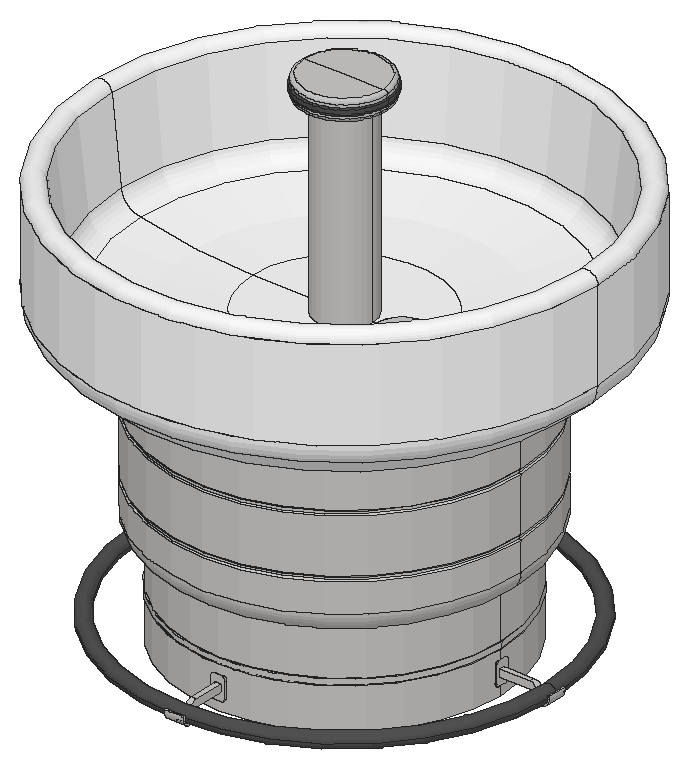
Revit family "Washfountain_Lavatory-Bradley_Corp-WF2605-Type_O_Drain", category Plumbing Fixtures, Revit 2012
Parameters (values of type "Standard")
  Width = 36.000"
  Warranty Information = ""
  WFU = 0
  Voltage = 110 V
  Version = "2.0"
  Supply Height [instance] = if(and(Sensor Module, Soap Dispenser, Towel Dispenser, Model ID = 2), 69.313", if(and(Sensor Module, Soap Dispenser, No Towel Dispenser, Model ID = 2), 47.625", if(and(Sensor Module, No Soap Dispenser, No Towel Dispenser, Model ID = 2), 39.125", if(and(Sensor Module, No Soap Dispenser, Towel Dispenser, Model ID = 2), 69.313", if(and(No Sensor Module, No Soap Dispenser, No Towel Dispenser, Model ID = 2), 35.625", if(and(No Sensor Module, No Soap Dispenser, Towel Dispenser, Model ID = 2), 65.813", if(and(No Sensor Module, Soap Dispenser, No Towel Dispenser, Model ID = 2), 44.125", if(and(No Sensor Module, Soap Dispenser, Towel Dispenser, Model ID = 2), 65.813", if(and(Sensor Module, Soap Dispenser, Towel Dispenser, Model ID = 1), 65.313", if(and(Sensor Module, Soap Dispenser, No Towel Dispenser, Model ID = 1), 43.625", if(and(Sensor Module, No Soap Dispenser, No Towel Dispenser, Model ID = 1), 35.125", if(and(Sensor Module, No Soap Dispenser, Towel Dispenser, Model ID = 1), 69.313", if(and(No Sensor Module, No Soap Dispenser, No Towel Dispenser, Model ID = 1), 31.625", if(and(No Sensor Module, No Soap Dispenser, Towel Dispenser, Model ID = 1), 61.813", if(and(No Sensor Module, Soap Dispenser, No Towel Dispenser, Model ID = 1), 40.125", 61.813")))))))))))))))  # 35.625"
  URL = "http://www.bradleycorp.com/"
  Towel Dispenser Holder [instance] = if((Soap Dispenser), 5.375", 13.875")  # 13.875"
  Towel Dispenser Height [instance] = if(and(Soap Dispenser, Sensor Module, Model ID = 2), 53.000", if(and(No Soap Dispenser, Sensor Module, Model ID = 2), 53.000", if(and(Soap Dispenser, No Sensor Module, Model ID = 2), 49.500", if(and(No Soap Dispenser, No Sensor Module, Model ID = 2), 49.500", if(and(Soap Dispenser, Sensor Module, Model ID = 1), 49.000", if(and(No Soap Dispenser, Sensor Module, Model ID = 1), 49.000", if(and(Soap Dispenser, No Sensor Module, Model ID = 1), 45.500", 45.500")))))))  # 49.500"
  TouchTime® Control [instance] = no
  Technical Data = ""
  Standard Height = Model ID = 2  # yes
  Spray Head Height = 35.625"
  Specifications URL = "http://www.bradleycorp.com/3partspec"
  Soap Dispenser Holder [instance] = 2.500"  # constant formula
  Soap Dispenser Height [instance] = if(and(No Sensor Module, Model ID = 2), 44.125", if(and(Sensor Module, Model ID = 2), 47.625", if(and(No Sensor Module, Model ID = 1), 40.125", 43.625")))  # 44.125"
  Sensor Module Height = 39.125"
  Sensor Module [instance] = or(not(Foot Control Valve), TouchTime® Control, Air Valve Hand Control, Adaptive Infrared Activation Control)  # no
  Rim Height = 29.250"
  Product Tech Data URL - Spanish = ""
  Product Tech Data URL - French = ""
  Product Tech Data URL - English = "http://bradleycorp.com/download/1843/2019.pdf"
  Pedestal Material = Metal - Bradley Corp - Stainless Steel - Satin
  Pedestal Height = 19.000"
  Operating Water Pressure Range = "20 - 80 PSI"
  OmniClass Table 23 Title = "Sinks/Lavatories"
  OmniClass Table 23 Number = "23-31 13 00"
  OmniClass Table 21 Title = "Plumbing Fixtures"
  OmniClass Table 21 Number = "21-04 20 10 60"
  No Towel Dispenser [instance] = not(Towel Dispenser)  # yes
  No Soap Dispenser [instance] = not(Soap Dispenser)  # yes
  No Sensor Module [instance] = not(Sensor Module)  # yes
  Modeling Code = ""
  Model ID = 2
  Model = "WF2605"
  Material Note = "Other Terrazzo colors available - See www.bradleycorp.com"
  MasterFormat Title = "Commercial Lavatories and Sinks"
  MasterFormat Number = "22 42 16"
  Manufacturer = "Bradley Corp"
  Juvenile Height = Model ID = 1  # no
  Industry Standards = "ANSI Z124.3, Z124.6 and ANSI/ICPA SS-1-2001"
  Hot Lavatory Inlet Radius = Hot Lavatory Inlet / 2  # 1/4"
  Hot Lavatory Inlet = 1/2"
  HWFU = 0
  Frequency = 50 Hz
  Foot Control Valve [instance] = not(or(TouchTime® Control, Air Valve Hand Control, Adaptive Infrared Activation Control))  # yes
  Flow Rate = 2.0 GPM
  Fire Rating = "n/a"
  Drain Radius = Drain / 2  # 1"
  Drain = 2"
  Description = "Washfountain, 36\" Circular with 9\" Deep Bowl"
  Copyright = "This Model Data is Property of Bradley Corporation"
  Cold Lavatory Inlet Radius = Cold Lavatory Inlet / 2  # 1/4"
  Cold Lavatory Inlet = 1/2"
  CWFU = 0
  Buy American Act = "No"
  Button Visibility [instance] = or(TouchTime® Control, Air Valve Hand Control)  # no
  Bowl Material [instance] = Stone - Bradley Corp - White Marmorite
  Assembly Code = "D2010300"
  Air Valve Hand Control [instance] = no
  Adaptive Infrared Activation Control [instance] = no
  ADA Compliant = "Yes"
  Soap Dispenser [instance] = no
  Towel Dispenser [instance] = no
Reference planes (in)
  plane 1 "Center (Front/Back)": y = 0
  plane 2: z = 0
  plane 3 "Center (Left/Right)": x = 0
  plane 4 "Towel Dispenser": z = 49.5
  plane 5 "Soap Dispenser": z = 44.125
  plane 6 "Spray Head": z = 35.625
  plane 7 "Rim Height": z = 29.25
  plane 8 "Pedestal Height": z = 19
  plane 9 "Sensor Module": z = 39.125
  plane 10: z = 38.125
  plane 11: x = -18
  plane 12: x = 18
  plane 13: y = -18
  plane 14: y = 18
Forms (in)
  Revolve 1, solid, material "Metal - Bradley Corp - Stainless Steel - Satin" <- "Pedestal Material", visible <- "Juvenile Height", detail levels medium+fine
    sketch origin (-27, 0, 19) x (1, 0, 0) y (0, 0, 1)
      loop
        line (15.87417, -15) -> (27, -15) -> (27, -0.00013) -> (14.47131, -0.00013) -> (14.47131, -3.20448) -> (14.5585, -3.29168) -> (14.5585, -3.41498) -> (14.47131, -3.50217) -> (14.47131, -6.50912) -> (14.5585, -6.59631) -> (14.5585, -6.71962) -> (14.47131, -6.80681) -> (14.47131, -8.19729)
        arc (14.47131, -8.19729) -> (14.8822, -9.18927) -> (15.87417, -9.60015) r 1.40286
        line (15.87417, -9.60015) -> (15.87417, -11.547) -> (15.83845, -11.59351) -> (15.83845, -12.00036) -> (15.87417, -12.047) -> (15.87417, -15)
      axis (27, -15) -> (27, -0.00013)
    angle from 0 to 360
  Revolve 2, solid, material "Stone - Bradley Corp - White Marmorite" <- "Bowl Material", detail levels medium+fine
    sketch origin (-24.13744, 0, 29.25) x (-1, 0, 0) y (0, 0, -1)
      loop
        line (-6.13744, 0.75008) -> (-6.13744, 7.17157)
        arc (-6.13744, 7.17157) -> (-6.28968, 7.93694) -> (-6.72322, 8.58579) r 2
        line (-6.72322, 8.58579) -> (-8.69944, 10.25) -> (-22.13744, 10.25) -> (-22.13744, 8.688) -> (-17.63744, 8.688)
        arc (-17.63744, 8.688) -> (-13.61835, 8.45982) -> (-9.65091, 7.7782) r 35.50887
        arc (-9.65091, 7.7782) -> (-8.71636, 7.35965) -> (-8.26814, 6.43895) r 1.5
        line (-8.26814, 6.43895) -> (-7.62105, 0.59415)
        arc (-7.62105, 0.59415) -> (-6.80904, 0.00419) -> (-6.13744, 0.75008) r 0.75
      axis (-24.13744, 0.59415) -> (-24.13744, 10.25)
    angle from 0 to 360
  Revolve 3, solid, material "Metal - Bradley Corp - Stainless Steel - Satin" <- "Pedestal Material", visible <- "Standard Height", detail levels medium+fine
    sketch origin (-27, 0, 19) x (1, 0, 0) y (0, 0, 1)
      loop
        line (14.47131, -4.10731) -> (14.58179, -4.21779) -> (14.58179, -4.37404) -> (14.47131, -4.48453) -> (14.47131, -8.29481) -> (14.58179, -8.40529) -> (14.58179, -8.56154) -> (14.47131, -8.67203) -> (14.47131, -10.73243)
        arc (14.47131, -10.73243) -> (14.87684, -11.75818) -> (15.87417, -12.22929) r 1.5
        line (15.87417, -12.22929) -> (15.87417, -15.547) -> (15.83845, -15.59351) -> (15.83845, -16.00049) -> (15.87417, -16.047) -> (15.87417, -19) -> (27, -19) -> (27, -0.00013) -> (14.47131, -0.00013) -> (14.47131, -4.10731)
      axis (27, -0.00013) -> (27, -19)
    angle from 0 to 360
  Revolve 4, solid, material "Metal - Bradley Corp - Stainless Steel - Polished", detail levels fine
    sketch origin (-1.5, 0, 36.188) x (1, 0, 0) y (0, 0, 1)
      loop
        arc (-1.285, -0.56348) -> (-1.46178, -0.6367) -> (-1.535, -0.81348) r 0.25
        line (-1.535, -0.81348) -> (-1.535, -1.00848)
        arc (-1.535, -1.00848) -> (-1.60129, -1.03594) -> (-1.62875, -1.10223) r 0.09375
        line (-1.62875, -1.10223) -> (-1.62875, -1.41473)
        arc (-1.62875, -1.41473) -> (-1.60129, -1.48102) -> (-1.535, -1.50848) r 0.09375
        line (-1.535, -1.50848) -> (-1.535, -1.70348)
        arc (-1.535, -1.70348) -> (-1.46178, -1.88026) -> (-1.285, -1.95348) r 0.25
        line (-1.285, -1.95348) -> (-0.5, -1.95348) -> (-0.5, -17.188) -> (1.5, -17.188) -> (1.5, -0.56348) -> (-1.285, -0.56348)
      axis (1.5, -0.56348) -> (1.5, -17.188)
    angle from 0 to 360
  Revolve 5, solid, material "Metal - Bradley Corp - Stainless Steel - Polished", visible <- "Soap Dispenser", detail levels fine
    sketch origin (-27, 0, 44.125) x (1, 0, 0) y (0, 0, 1)
      loop
        line (20.98592, -1.64235) -> (21.01699, -1.64235) -> (21.01699, -2.89235) -> (21.06961, -2.89235) -> (21.06961, -4.14235) -> (21.12223, -4.14235) -> (21.12223, -5.39235) -> (21.19, -5.39235) -> (21.19, -6) -> (27, -6) -> (27, -5.75235) -> (27, 0.00086) -> (22.86016, 0.00086)
        arc (22.86016, 0.00086) -> (21.84739, -0.11897) -> (20.86029, -0.37529) r 7.48917
        line (20.86029, -0.37529) -> (20.86029, -1.00047) -> (20.98592, -1.00047) -> (20.98592, -1.64235)
      axis (27, 0.00086) -> (27, -6)
    angle from 0 to 360
  Extrusion 6, solid, material "Metal - Bradley Corp - Stainless Steel - Polished", visible <- "Towel Dispenser"
    sketch origin (0, 0, 0) x (1, 0, 0) y (0, 1, 0)
      loop
        circle (0, 0) r 2
    from 35.625 to 65.81283
  Extrusion 7, solid, material "Metal - Bradley Corp - Stainless Steel - Polished", visible <- "Towel Dispenser"
    sketch origin (0, -3.64603, -2.35417) x (0, 1, 0) y (0, 0, 1)
      loop
        line (10.89603, 53.22917) -> (10.89603, 66.4795) -> (6.89603, 67.167) -> (6.89603, 51.85417) -> (8.64603, 51.85417) -> (10.89603, 53.22917)
    from -5.5 to 5.5
  Extrusion 8, solid, material "Metal - Bradley Corp - Stainless Steel - Polished", visible <- "Towel Dispenser"
    sketch origin (3.15756, 1.82302, -2.35417) x (-0.866025, -0.5, 0) y (0, 0, 1)
      loop
        line (10.89603, 53.22917) -> (10.89603, 66.4795) -> (6.89603, 67.167) -> (6.89603, 51.85417) -> (8.64603, 51.85417) -> (10.89603, 53.22917)
    from -5.5 to 5.5
  Extrusion 9, solid, material "Metal - Bradley Corp - Stainless Steel - Polished", visible <- "Towel Dispenser"
    sketch origin (-3.15756, 1.82302, -2.35417) x (0.866025, -0.5, 0) y (0, 0, 1)
      loop
        line (10.89603, 53.22917) -> (10.89603, 66.4795) -> (6.89603, 67.167) -> (6.89603, 51.85417) -> (8.64603, 51.85417) -> (10.89603, 53.22917)
    from -5.5 to 5.5
  Revolve 10, solid, material "Stone - Bradley Corp - White Marmorite" <- "Bowl Material", detail levels coarse
    sketch origin (-24.13744, 0, 29.25) x (-1, 0, 0) y (0, 0, -1)
      loop
        line (-6.13744, 0) -> (-6.13744, 10.25) -> (-22.13744, 10.25) -> (-22.13744, 8.688) -> (-17.47542, 8.688) -> (-8.39355, 7.63199) -> (-7.5586, 0) -> (-6.13744, 0)
      axis (-24.13744, 0) -> (-24.13744, 10.25)
    angle from 0 to 360
  Revolve 11, solid, material "Metal - Bradley Corp - Stainless Steel - Satin" <- "Pedestal Material", visible <- "Juvenile Height", detail levels coarse
    sketch origin (-27, 0, 19) x (1, 0, 0) y (0, 0, 1)
      loop
        line (14.47131, 0) -> (14.47131, -9.60015) -> (15.87417, -9.60015) -> (15.87417, -15) -> (27, -15) -> (27, 0) -> (14.47131, 0)
      axis (27, 0) -> (27, -15)
    angle from 0 to 360
  Revolve 12, solid, material "Metal - Bradley Corp - Stainless Steel - Polished", visible <- "Soap Dispenser", detail levels coarse+medium
    sketch origin (0, 0, 0) x (1, 0, 0) y (0, 0, 1)
      loop
        line (0, 38.125) -> (0, 43.12453) -> (-6.13971, 43.12453) -> (-5.81, 38.125) -> (0, 38.125)
      axis (0, 43.12453) -> (0, 38.125)
    angle from 0 to 360
  Revolve 13, solid, material "Metal - Bradley Corp - Stainless Steel - Polished", detail levels coarse+medium
    sketch origin (-1.5, 0, 36.188) x (1, 0, 0) y (0, 0, 1)
      loop
        line (-1.62875, -1.50848) -> (-1.285, -1.95348) -> (-0.5, -1.95348) -> (-0.5, -17.188) -> (1.5, -17.188) -> (1.5, -0.56348) -> (-1.285, -0.56348) -> (-1.62875, -1.00848) -> (-1.62875, -1.50848)
      axis (1.5, -0.56348) -> (1.5, -17.188)
    angle from 0 to 360
  Revolve 14, solid, material "Metal - Bradley Corp - Stainless Steel - Polished", visible <- "Sensor Module", detail levels fine
    sketch origin (-1.5, 0, 39.125) x (1, 0, 0) y (0, 0, 1)
      loop
        line (-2.99987, -0.56541) -> (-2.99987, -1.98683)
        arc (-2.99987, -1.98683) -> (-2.98063, -2.08301) -> (-2.92587, -2.16439) r 0.25
        line (-2.92587, -2.16439) -> (-2.32309, -2.76716)
        arc (-2.32309, -2.76716) -> (-2.24199, -2.82135) -> (-2.14632, -2.84038) r 0.25
        line (-2.14632, -2.84038) -> (-0.5, -2.84038) -> (-0.5, -3.5) -> (1.5, -3.5) -> (1.5, 0) -> (-0.60282, 0)
        arc (-0.60282, 0) -> (-1.78099, -0.0858) -> (-2.95612, -0.2063) r 40.06
        arc (-2.95612, -0.2063) -> (-3.04124, -0.251) -> (-3.07537, -0.34072) r 0.135
        line (-3.07537, -0.34072) -> (-3.07537, -0.56541) -> (-2.99987, -0.56541)
      axis (1.5, 0) -> (1.5, -3.5)
    angle from 0 to 360
  Revolve 15, solid, material "Metal - Bradley Corp - Stainless Steel - Polished", visible <- "Sensor Module", detail levels coarse+medium
    sketch origin (-1.5, 0, 39.125) x (1, 0, 0) y (0, 0, 1)
      loop
        line (1.5, 0) -> (-3.07537, 0) -> (-3.07537, -2.01488) -> (-2.24987, -2.84038) -> (-0.5, -2.84038) -> (-0.5, -3.5) -> (1.5, -3.5) -> (1.5, 0)
      axis (1.5, 0) -> (1.5, -3.5)
    angle from 0 to 360
  Extrusion 16, solid, material "Metal - Bradley Corp - Stainless Steel - Polished", visible <- "Soap Dispenser"
    sketch origin (0, 0, 44.125) x (-1, 0, 0) y (0, -1, 0)
      loop
        circle (0, 0) r 2
    from -8.5 to -6
  Revolve 17, solid, material "Metal - Bradley Corp - Stainless Steel - Satin" <- "Pedestal Material", visible <- "Standard Height", detail levels coarse
    sketch origin (-27, 0, 19) x (1, 0, 0) y (0, 0, 1)
      loop
        line (14.47131, 0) -> (14.47131, -12.22916) -> (15.87417, -12.22916) -> (15.87417, -19) -> (27, -19) -> (27, 0) -> (14.47131, 0)
      axis (27, 0) -> (27, -19)
    angle from 0 to 360
  Extrusion 18, solid, material "Metal - Bradley Corp - Stainless Steel - Polished", visible <- "Towel Dispenser"
    sketch origin (0, 0, 49.5) x (-1, 0, 0) y (0, -1, 0)
      loop
        line (0.06458, 6.38814) -> (-0.06458, 6.38814) -> (-5.56458, -3.13814) -> (-5.5, -3.25) -> (5.5, -3.25) -> (5.56458, -3.13814) -> (0.06458, 6.38814)
      loop
        circle (0, 0) r 2
    from 14.62533 to 14.12533
  Extrusion 19, solid, material "Metal - Bradley Corp - Stainless Steel - Polished", visible <- "Towel Dispenser"
    sketch origin (0, 0, 49.5) x (-1, 0, 0) y (0, -1, 0)
      loop
        line (5.56458, -3.13814) -> (0.06458, 6.38814) -> (-0.06458, 6.38814) -> (-5.56458, -3.13814) -> (-5.5, -3.25) -> (5.5, -3.25) -> (5.56458, -3.13814)
      loop
        circle (0, 0) r 2
    from 1.07859 to 1.57859
  Sweep 20, solid, material "Plastic - Bradley Corp - Black", visible <- "Foot Control Valve"
    path in 3D
      loop
        arc (-14.513, 0, 0) -> (0, -14.513, 0) -> (14.513, 0, 0) r 14.513
        arc (14.513, 0, 0) -> (0, 14.513, 0) -> (-14.513, 0, 0) r 14.513
    profile origin (0, 14.513, 0) x (0, -1, 0) y (0, 0, 1)
      loop
        circle (0, 1.425) r 0.5
  Extrusion 21, solid, material "Metal - Bradley Corp - Stainless Steel - Satin", visible <- "Foot Control Valve"
    sketch origin (0, 0, 0) x (1, 0, 0) y (0, 0, 1)
      loop
        arc (-14.99607, 1.55401) -> (-15.03147, 1.61522) -> (-15.09268, 1.57982) r 0.05
        arc (-15.09268, 1.57982) -> (-14.52672, 0.82516) -> (-13.92685, 1.55315) r 0.6
        arc (-13.92685, 1.55315) -> (-13.98637, 1.59132) -> (-14.02454, 1.53179) r 0.05
        arc (-14.02454, 1.53179) -> (-14.52443, 0.92513) -> (-14.99607, 1.55401) r 0.5
    from -0.67078 to 0.67078
  Extrusion 22, solid, material "Metal - Bradley Corp - Stainless Steel - Satin", visible <- "Foot Control Valve"
    sketch origin (0, 0, 0) x (1, 0, 0) y (0, 0, 1)
      loop
        line (-11.12583, 1.26722) -> (-11.12583, 1.76722) -> (-13.31961, 1.76722)
        arc (-13.31961, 1.76722) -> (-13.66211, 1.67554) -> (-13.913, 1.425) r 0.68556
        arc (-13.913, 1.425) -> (-14.08874, 1.00074) -> (-14.513, 0.825) r 0.6
        arc (-14.513, 0.825) -> (-13.93667, 0.87324) -> (-13.46086, 1.202) r 1.12245
        arc (-13.46086, 1.202) -> (-13.3974, 1.25013) -> (-13.31961, 1.26722) r 0.18556
        line (-13.31961, 1.26722) -> (-11.12583, 1.26722)
    from -0.19715 to 0.18501
  Extrusion 23, solid, material "Metal - Bradley Corp - Stainless Steel - Satin", visible <- "Foot Control Valve"
    sketch origin (0, 0, 0) x (0, 1, 0) y (0, 0, 1)
      loop
        line (0.25316, 2.33562) -> (-0.24684, 2.33562)
        arc (-0.24684, 2.33562) -> (-0.42362, 2.2624) -> (-0.49684, 2.08562) r 0.25
        line (-0.49684, 2.08562) -> (-0.49684, 0.96062)
        arc (-0.49684, 0.96062) -> (-0.42362, 0.78385) -> (-0.24684, 0.71062) r 0.25
        line (-0.24684, 0.71062) -> (0.25316, 0.71062)
        arc (0.25316, 0.71062) -> (0.42994, 0.78385) -> (0.50316, 0.96062) r 0.25
        line (0.50316, 0.96062) -> (0.50316, 2.08562)
        arc (0.50316, 2.08562) -> (0.42994, 2.2624) -> (0.25316, 2.33562) r 0.25
      loop
        line (0.2403, 1.22902) -> (0.2403, 1.81722) -> (-0.2403, 1.81722) -> (-0.2403, 1.22902) -> (0.2403, 1.22902)
    from 11.12583 to 11.19421
  Extrusion 24, solid, material "Metal - Bradley Corp - Stainless Steel - Satin", visible <- "Foot Control Valve"
    sketch origin (0, 27, 18.797) x (0, -1, 0) y (0, 0, 1)
      loop
        arc (12.00393, -17.24299) -> (11.96853, -17.18178) -> (11.90732, -17.21718) r 0.05
        arc (11.90732, -17.21718) -> (12.47328, -17.97184) -> (13.07315, -17.24385) r 0.6
        arc (13.07315, -17.24385) -> (13.01363, -17.20568) -> (12.97546, -17.26521) r 0.05
        arc (12.97546, -17.26521) -> (12.47557, -17.87187) -> (12.00393, -17.24299) r 0.5
    from -0.67078 to 0.67078
  Extrusion 25, solid, material "Metal - Bradley Corp - Stainless Steel - Satin", visible <- "Foot Control Valve"
    sketch origin (0, 27, 18.797) x (0, -1, 0) y (0, 0, 1)
      loop
        line (15.87417, -17.52978) -> (15.87417, -17.02978) -> (13.68039, -17.02978)
        arc (13.68039, -17.02978) -> (13.33789, -17.12146) -> (13.087, -17.372) r 0.68556
        arc (13.087, -17.372) -> (12.91126, -17.79626) -> (12.487, -17.972) r 0.6
        arc (12.487, -17.972) -> (13.06333, -17.92376) -> (13.53914, -17.595) r 1.12245
        arc (13.53914, -17.595) -> (13.6026, -17.54687) -> (13.68039, -17.52978) r 0.18556
        line (13.68039, -17.52978) -> (15.87417, -17.52978)
    from -0.19715 to 0.18501
  Extrusion 26, solid, material "Metal - Bradley Corp - Stainless Steel - Satin", visible <- "Foot Control Valve"
    sketch origin (0, 0, 47.859) x (-1, 0, 0) y (0, 0, 1)
      loop
        arc (-0.25316, -45.52338) -> (-0.42994, -45.5966) -> (-0.50316, -45.77338) r 0.25
        line (-0.50316, -45.77338) -> (-0.50316, -46.89838)
        arc (-0.50316, -46.89838) -> (-0.42994, -47.07515) -> (-0.25316, -47.14838) r 0.25
        line (-0.25316, -47.14838) -> (0.24684, -47.14838)
        arc (0.24684, -47.14838) -> (0.42362, -47.07515) -> (0.49684, -46.89838) r 0.25
        line (0.49684, -46.89838) -> (0.49684, -45.77338)
        arc (0.49684, -45.77338) -> (0.42362, -45.5966) -> (0.24684, -45.52338) r 0.25
        line (0.24684, -45.52338) -> (-0.25316, -45.52338)
      loop
        line (-0.2403, -46.62998) -> (0.2403, -46.62998) -> (0.2403, -46.04178) -> (-0.2403, -46.04178) -> (-0.2403, -46.62998)
    from 11.12583 to 11.19421
  Extrusion 27, solid, material "Metal - Bradley Corp - Stainless Steel - Satin", visible <- "Foot Control Valve"
    sketch origin (27, 0, 18.797) x (-1, 0, 0) y (0, 0, 1)
      loop
        arc (12.00393, -17.24299) -> (11.96853, -17.18178) -> (11.90732, -17.21718) r 0.05
        arc (11.90732, -17.21718) -> (12.47328, -17.97184) -> (13.07315, -17.24385) r 0.6
        arc (13.07315, -17.24385) -> (13.01363, -17.20568) -> (12.97546, -17.26521) r 0.05
        arc (12.97546, -17.26521) -> (12.47557, -17.87187) -> (12.00393, -17.24299) r 0.5
    from -0.67078 to 0.67078
  Extrusion 28, solid, material "Metal - Bradley Corp - Stainless Steel - Satin", visible <- "Foot Control Valve"
    sketch origin (27, 0, 18.797) x (-1, 0, 0) y (0, 0, 1)
      loop
        line (15.87417, -17.52978) -> (15.87417, -17.02978) -> (13.68039, -17.02978)
        arc (13.68039, -17.02978) -> (13.33789, -17.12146) -> (13.087, -17.372) r 0.68556
        arc (13.087, -17.372) -> (12.91126, -17.79626) -> (12.487, -17.972) r 0.6
        arc (12.487, -17.972) -> (13.06333, -17.92376) -> (13.53914, -17.595) r 1.12245
        arc (13.53914, -17.595) -> (13.6026, -17.54687) -> (13.68039, -17.52978) r 0.18556
        line (13.68039, -17.52978) -> (15.87417, -17.52978)
    from -0.19715 to 0.18501
  Extrusion 29, solid, material "Metal - Bradley Corp - Stainless Steel - Satin", visible <- "Foot Control Valve"
    sketch origin (0, 0, 47.859) x (0, 1, 0) y (0, 0, 1)
      loop
        arc (-0.25316, -45.52338) -> (-0.42994, -45.5966) -> (-0.50316, -45.77338) r 0.25
        line (-0.50316, -45.77338) -> (-0.50316, -46.89838)
        arc (-0.50316, -46.89838) -> (-0.42994, -47.07515) -> (-0.25316, -47.14838) r 0.25
        line (-0.25316, -47.14838) -> (0.24684, -47.14838)
        arc (0.24684, -47.14838) -> (0.42362, -47.07515) -> (0.49684, -46.89838) r 0.25
        line (0.49684, -46.89838) -> (0.49684, -45.77338)
        arc (0.49684, -45.77338) -> (0.42362, -45.5966) -> (0.24684, -45.52338) r 0.25
        line (0.24684, -45.52338) -> (-0.25316, -45.52338)
      loop
        line (-0.2403, -46.62998) -> (0.2403, -46.62998) -> (0.2403, -46.04178) -> (-0.2403, -46.04178) -> (-0.2403, -46.62998)
    from 11.12583 to 11.19421
  Extrusion 30, solid, material "Metal - Bradley Corp - Stainless Steel - Satin", visible <- "Foot Control Valve"
    sketch origin (0, -27, 18.797) x (0, 1, 0) y (0, 0, 1)
      loop
        arc (12.00393, -17.24299) -> (11.96853, -17.18178) -> (11.90732, -17.21718) r 0.05
        arc (11.90732, -17.21718) -> (12.47328, -17.97184) -> (13.07315, -17.24385) r 0.6
        arc (13.07315, -17.24385) -> (13.01363, -17.20568) -> (12.97546, -17.26521) r 0.05
        arc (12.97546, -17.26521) -> (12.47557, -17.87187) -> (12.00393, -17.24299) r 0.5
    from -0.67078 to 0.67078
  Extrusion 31, solid, material "Metal - Bradley Corp - Stainless Steel - Satin", visible <- "Foot Control Valve"
    sketch origin (0, -27, 18.797) x (0, 1, 0) y (0, 0, 1)
      loop
        line (15.87417, -17.52978) -> (15.87417, -17.02978) -> (13.68039, -17.02978)
        arc (13.68039, -17.02978) -> (13.33789, -17.12146) -> (13.087, -17.372) r 0.68556
        arc (13.087, -17.372) -> (12.91126, -17.79626) -> (12.487, -17.972) r 0.6
        arc (12.487, -17.972) -> (13.06333, -17.92376) -> (13.53914, -17.595) r 1.12245
        arc (13.53914, -17.595) -> (13.6026, -17.54687) -> (13.68039, -17.52978) r 0.18556
        line (13.68039, -17.52978) -> (15.87417, -17.52978)
    from -0.19715 to 0.18501
  Extrusion 32, solid, material "Metal - Bradley Corp - Stainless Steel - Satin", visible <- "Foot Control Valve"
    sketch origin (0, 0, 47.859) x (1, 0, 0) y (0, 0, 1)
      loop
        arc (-0.25316, -45.52338) -> (-0.42994, -45.5966) -> (-0.50316, -45.77338) r 0.25
        line (-0.50316, -45.77338) -> (-0.50316, -46.89838)
        arc (-0.50316, -46.89838) -> (-0.42994, -47.07515) -> (-0.25316, -47.14838) r 0.25
        line (-0.25316, -47.14838) -> (0.24684, -47.14838)
        arc (0.24684, -47.14838) -> (0.42362, -47.07515) -> (0.49684, -46.89838) r 0.25
        line (0.49684, -46.89838) -> (0.49684, -45.77338)
        arc (0.49684, -45.77338) -> (0.42362, -45.5966) -> (0.24684, -45.52338) r 0.25
        line (0.24684, -45.52338) -> (-0.25316, -45.52338)
      loop
        line (-0.2403, -46.62998) -> (0.2403, -46.62998) -> (0.2403, -46.04178) -> (-0.2403, -46.04178) -> (-0.2403, -46.62998)
    from 11.12583 to 11.19421
  Extrusion 33, solid, material "Metal - Bradley Corp - Stainless Steel - Satin", visible <- "Foot Control Valve"
    sketch origin (0, 0, 47.859) x (0, 1, 0) y (0, 0, 1)
      loop
        arc (-0.25316, -45.52338) -> (-0.42994, -45.5966) -> (-0.50316, -45.77338) r 0.25
        line (-0.50316, -45.77338) -> (-0.50316, -46.89838)
        arc (-0.50316, -46.89838) -> (-0.42994, -47.07515) -> (-0.25316, -47.14838) r 0.25
        line (-0.25316, -47.14838) -> (0.24684, -47.14838)
        arc (0.24684, -47.14838) -> (0.42362, -47.07515) -> (0.49684, -46.89838) r 0.25
        line (0.49684, -46.89838) -> (0.49684, -45.77338)
        arc (0.49684, -45.77338) -> (0.42362, -45.5966) -> (0.24684, -45.52338) r 0.25
        line (0.24684, -45.52338) -> (-0.25316, -45.52338)
      loop
        line (-0.2403, -46.62998) -> (0.2403, -46.62998) -> (0.2403, -46.04178) -> (-0.2403, -46.04178) -> (-0.2403, -46.62998)
    from -11.12583 to -11.21099
  Extrusion 34, void
    sketch origin (0, 0, 19) x (-1, 0, 0) y (0, -1, 0)
      loop
        circle (-4, 0) r 1.75
    from 0 to 10.25
  Extrusion 35, solid, material "Metal - Bradley Corp - Stainless Steel - Polished", detail levels medium+fine
    sketch origin (0, 0, 19) x (-1, 0, 0) y (0, -1, 0)
      loop
        circle (-4, 0) r 1.75
      loop
        circle (-4, 0) r 0.1842
      loop
        circle (-4, -0.87771) r 0.1842
      loop
        circle (-3.12229, 0) r 0.1842
      loop
        circle (-4, 0.87771) r 0.1842
      loop
        circle (-4.87771, 0) r 0.1842
      loop
        circle (-4.62063, -0.62063) r 0.1842
      loop
        circle (-3.37937, -0.62063) r 0.1842
      loop
        circle (-3.37937, 0.62063) r 0.1842
      loop
        circle (-4.62063, 0.62063) r 0.1842
    from 1.47707 to 1.59297
  Extrusion 36, solid, material "Default", not visible, detail levels medium+fine
    sketch origin (0, 0, 0) x (1, 0, 0) y (0, 1, 0)
      loop
        circle (-0.875, 1.25) r 0.25
      loop
        circle (0.875, 1.25) r 0.25
    from 0 to 35.625
  Extrusion 37, solid, material "Default", not visible, detail levels medium+fine
    sketch origin (0, 0, 0) x (1, 0, 0) y (0, 1, 0)
      loop
        circle (4, 0) r 1
      loop
        line (-1, 5.5) -> (-1, 4.5) -> (1, 4.5) -> (1, 5.5) -> (-1, 5.5)
    from 0 to 2.99998
  Revolve 38, solid, material "Plastic - Bradley Corp - Black", visible <- "Soap Dispenser", detail levels coarse+medium
    sketch origin (-27, 0, 44.125) x (1, 0, 0) y (0, 0, 1)
      loop
        line (20.79431, 0) -> (20.86029, -1.00047) -> (27, -1.00047) -> (27, 0) -> (20.79431, 0)
      axis (27, 0) -> (27, -1.00047)
    angle from 0 to 360
  Extrusion 39, solid, material "Metal - Bradley Corp - Stainless Steel - Polished", visible <- "Button Visibility"
    sketch origin (-1.5, 0, 39.125) x (1, 0, 0) y (0, 0, 1)
      loop
        circle (1.5, -1.3649) r 0.5
    from 4.57537 to 4.97537
  Extrusion 40, solid, material "Metal - Bradley Corp - Stainless Steel - Polished", visible <- "Button Visibility"
    sketch origin (-1.5, 0, 39.125) x (1, 0, 0) y (0, 0, 1)
      loop
        circle (1.5, -1.3649) r 0.5
    from -4.97537 to -4.57537
  Extrusion 41, solid, material "Metal - Bradley Corp - Stainless Steel - Polished", visible <- "Button Visibility", detail levels fine
    sketch origin (-1.5, 0, 39.125) x (1, 0, 0) y (0, 0, 1)
      loop
        circle (1.5, -1.3649) r 0.25
    from 4.49987 to 4.57537
  Extrusion 42, solid, material "Metal - Bradley Corp - Stainless Steel - Polished", visible <- "Button Visibility", detail levels fine
    sketch origin (-1.5, 0, 39.125) x (1, 0, 0) y (0, 0, 1)
      loop
        circle (1.5, -1.3649) r 0.25
    from -4.57537 to -4.49987
Cuts and joins
  joined: Extrusion 21, Extrusion 22
  Extrusion 34 cuts Revolve 10
  Extrusion 34 cuts Revolve 2
Lines and regions (in)
  Masking region 1, detail levels coarse
    outline origin (-24.13744, 0, 29.25) x (-1, 0, 0) y (0, 0, -1)
      loop
        line (-6.13744, 0) -> (-6.13744, 10.25) -> (-42.13744, 10.25) -> (-42.13744, 0) -> (-6.13744, 0)
  Masking region 2, detail levels medium+fine
    outline origin (-24.13744, 0, 29.25) x (-1, 0, 0) y (0, 0, -1)
      loop
        arc (-6.88744, 0) -> (-6.35711, 0.21975) -> (-6.13744, 0.75008) r 0.75
        line (-6.13744, 0.75008) -> (-6.13744, 7.17157)
        arc (-6.13744, 7.17157) -> (-6.28968, 7.93694) -> (-6.72322, 8.58579) r 2
        line (-6.72322, 8.58579) -> (-8.69944, 10.25) -> (-39.57544, 10.25) -> (-41.55165, 8.58579)
        arc (-41.55165, 8.58579) -> (-41.98519, 7.93694) -> (-42.13744, 7.17157) r 2
        line (-42.13744, 7.17157) -> (-42.13744, 0.75008)
        arc (-42.13744, 0.75008) -> (-41.91777, 0.21975) -> (-41.38744, 0) r 0.75
        line (-41.38744, 0) -> (-6.88744, 0)
  Masking region 3, visible <- "Standard Height", detail levels medium+fine
    outline origin (-27, 0, 19) x (1, 0, 0) y (0, 0, 1)
      loop
        line (14.47131, 0) -> (14.47131, -4.10745) -> (14.58179, -4.21794) -> (14.58179, -4.37419) -> (14.47131, -4.48468) -> (14.47131, -8.29495) -> (14.58179, -8.40544) -> (14.58179, -8.56169) -> (14.47131, -8.67218) -> (14.47131, -10.73245)
        arc (14.47131, -10.73245) -> (14.87684, -11.7582) -> (15.87417, -12.22931) r 1.5
        line (15.87417, -12.22931) -> (15.87417, -15.54688) -> (15.83845, -15.59339) -> (15.83845, -16.00036) -> (15.87417, -16.04688) -> (15.87417, -19) -> (38.12583, -19) -> (38.12583, -16.04688) -> (38.16155, -16.00036) -> (38.16155, -15.59339) -> (38.12583, -15.54688) -> (38.12583, -12.22933)
        arc (38.12583, -12.22933) -> (39.12339, -11.75832) -> (39.52904, -10.73245) r 1.5
        line (39.52904, -10.73245) -> (39.52904, -8.67218) -> (39.41855, -8.56169) -> (39.41855, -8.40544) -> (39.52904, -8.29495) -> (39.52904, -4.48468) -> (39.41855, -4.37419) -> (39.41855, -4.21794) -> (39.52904, -4.10745) -> (39.52904, 0) -> (14.47131, 0)
  Masking region 4, visible <- "Standard Height", detail levels coarse
    outline origin (0, 0, 19) x (0, -1, 0) y (0, 0, 1)
      loop
        line (12.52869, 0) -> (-12.52869, 0) -> (-12.52869, -12.22916) -> (-11.12583, -12.22916) -> (-11.12583, -19) -> (11.12583, -19) -> (11.12583, -12.22916) -> (12.52869, -12.22916) -> (12.52869, 0)
  Masking region 5, visible <- "Standard Height", detail levels medium+fine
    outline origin (0, 0, 19) x (0, -1, 0) y (0, 0, 1)
      loop
        line (-12.52869, -4.10731) -> (-12.41821, -4.21779) -> (-12.41821, -4.37404) -> (-12.52869, -4.48453) -> (-12.52869, -8.29481) -> (-12.41821, -8.40529) -> (-12.41821, -8.56154) -> (-12.52869, -8.67203) -> (-12.52869, -10.73231)
        arc (-12.52869, -10.73231) -> (-12.12316, -11.75805) -> (-11.12583, -12.22916) r 1.5
        line (-11.12583, -12.22916) -> (-11.12583, -15.54688) -> (-11.16155, -15.59339) -> (-11.16155, -16.00036) -> (-11.12583, -16.04688) -> (-11.12583, -19) -> (11.12583, -19) -> (11.12583, -16.04687) -> (11.16155, -16.00036) -> (11.16155, -15.59339) -> (11.12583, -15.54687) -> (11.12583, -12.22916)
        arc (11.12583, -12.22916) -> (12.12316, -11.75805) -> (12.52869, -10.73231) r 1.5
        line (12.52869, -10.73231) -> (12.52869, -8.67203) -> (12.41821, -8.56154) -> (12.41821, -8.40529) -> (12.52869, -8.29481) -> (12.52869, -4.48453) -> (12.41821, -4.37404) -> (12.41821, -4.21779) -> (12.52869, -4.10731) -> (12.52869, 0) -> (-12.52869, 0) -> (-12.52869, -4.10731)
  Masking region 6, visible <- "Juvenile Height", detail levels coarse
    outline origin (0, 0, 14.79688) x (0, -1, 0) y (0, 0, -1)
      loop
        line (-12.52869, 0) -> (12.52869, 0) -> (12.52869, 9.60003) -> (11.12583, 9.60003) -> (11.12583, 14.79688) -> (-11.12583, 14.79688) -> (-11.12583, 9.60003) -> (-12.52869, 9.60003) -> (-12.52869, 0)
  Masking region 7, visible <- "Juvenile Height", detail levels medium+fine
    outline origin (0, 0, 14.79688) x (0, -1, 0) y (0, 0, -1)
      loop
        line (12.52869, -0.20312) -> (12.52869, 3.20436) -> (12.4415, 3.29155) -> (12.4415, 3.41486) -> (12.52869, 3.50205) -> (12.52869, 6.50899) -> (12.4415, 6.59619) -> (12.4415, 6.71949) -> (12.52869, 6.80668) -> (12.52869, 8.19717)
        arc (12.52869, 8.19717) -> (12.1178, 9.18914) -> (11.12583, 9.60003) r 1.40286
        line (11.12583, 9.60003) -> (11.12583, 11.54675) -> (11.16155, 11.59326) -> (11.16155, 12.00024) -> (11.12586, 12.04675) -> (11.12586, 14.79688) -> (-11.12586, 14.79688) -> (-11.12586, 12.04675) -> (-11.16155, 12.00024) -> (-11.16155, 11.59326) -> (-11.12583, 11.54675) -> (-11.12583, 9.60003)
        arc (-11.12583, 9.60003) -> (-12.1178, 9.18914) -> (-12.52869, 8.19717) r 1.40286
        line (-12.52869, 8.19717) -> (-12.52869, 6.80668) -> (-12.4415, 6.71949) -> (-12.4415, 6.59619) -> (-12.52869, 6.50899) -> (-12.52869, 3.50205) -> (-12.4415, 3.41486) -> (-12.4415, 3.29155) -> (-12.52869, 3.20436) -> (-12.52869, -0.20313) -> (12.52869, -0.20312)
  Masking region 8, detail levels coarse
    outline origin (0, 0, 29.25) x (0, -1, 0) y (0, 0, 1)
      loop
        line (-18, 0) -> (-18, -10.25) -> (18, -10.25) -> (18, 0) -> (-18, 0)
  Masking region 9, detail levels medium+fine
    outline origin (0, 0, 29.25) x (0, -1, 0) y (0, 0, 1)
      loop
        line (-15.43046, -10.25) -> (15.43046, -10.25) -> (17.41421, -8.58543)
        arc (17.41421, -8.58543) -> (17.84776, -7.93659) -> (18, -7.17122) r 2
        line (18, -7.17122) -> (18, -0.74972)
        arc (18, -0.74972) -> (17.78748, -0.22664) -> (17.27036, 0) r 0.75
        line (17.27036, 0) -> (-17.27036, 0)
        arc (-17.27036, 0) -> (-17.78748, -0.22664) -> (-18, -0.74972) r 0.75
        line (-18, -0.74972) -> (-18, -7.17122)
        arc (-18, -7.17122) -> (-17.84776, -7.93659) -> (-17.41421, -8.58543) r 2
        line (-17.41421, -8.58543) -> (-15.43046, -10.25)
  Masking region 10, visible <- "Soap Dispenser", detail levels fine
    outline origin (-27, 0, 44.125) x (1, 0, 0) y (0, 0, 1)
      loop
        line (20.98592, -1.64235) -> (21.01699, -1.64235) -> (21.01699, -2.89235) -> (21.06961, -2.89235) -> (21.06961, -4.14235) -> (21.12223, -4.14235) -> (21.12223, -5.39235) -> (21.19, -5.39235) -> (21.19, -6) -> (32.81, -6) -> (32.81, -5.39235) -> (32.87777, -5.39235) -> (32.87777, -4.14235) -> (32.93039, -4.14235) -> (32.93039, -2.89235) -> (32.98301, -2.89235) -> (32.98301, -1.64235) -> (33.01408, -1.64235) -> (33.01408, -1.00047) -> (33.13971, -1.00047) -> (33.13971, -0.37529)
        arc (33.13971, -0.37529) -> (32.18383, -0.11553) -> (31.20003, 0) r 6.67892
        line (31.20003, 0) -> (22.79997, 0)
        arc (22.79997, 0) -> (21.81617, -0.11553) -> (20.86029, -0.37529) r 6.67892
        line (20.86029, -0.37529) -> (20.86029, -1.00047) -> (20.98592, -1.00047) -> (20.98592, -1.64235)
  Masking region 11, visible <- "Soap Dispenser", detail levels coarse+medium
    outline origin (-27, 0, 44.125) x (1, 0, 0) y (0, 0, 1)
      loop
        line (20.79431, 0) -> (21.19, -6) -> (32.81, -6) -> (33.20569, 0) -> (20.79431, 0)
  Masking region 12, visible <- "Juvenile Height", detail levels medium+fine
    outline origin (-27, 0, 23.00013) x (1, 0, 0) y (0, 0, 1)
      loop
        line (15.87417, -15.55017) -> (15.87417, -13.60015)
        arc (15.87417, -13.60015) -> (14.8822, -13.18927) -> (14.47131, -12.19729) r 1.40286
        line (14.47131, -12.19729) -> (14.47131, -10.80681) -> (14.5585, -10.71962) -> (14.5585, -10.59631) -> (14.47131, -10.50912) -> (14.47131, -7.50217) -> (14.5585, -7.41498) -> (14.5585, -7.29168) -> (14.47131, -7.20448) -> (14.47131, -4.00013) -> (39.52869, -4.00013) -> (39.52869, -7.20448) -> (39.4415, -7.29168) -> (39.4415, -7.41498) -> (39.52869, -7.50217) -> (39.52869, -10.50912) -> (39.4415, -10.59631) -> (39.4415, -10.71962) -> (39.52869, -10.80681) -> (39.52869, -12.19729)
        arc (39.52869, -12.19729) -> (39.1178, -13.18927) -> (38.12583, -13.60015) r 1.40286
        line (38.12583, -13.60015) -> (38.12583, -15.54713) -> (38.16155, -15.59364) -> (38.16155, -16.00049) -> (38.12583, -16.04713) -> (38.12583, -19.00012) -> (15.87417, -19.00012) -> (15.87417, -16.04713) -> (15.83845, -16.00049) -> (15.83845, -15.59364) -> (15.87417, -15.54712)
  Masking region 13, visible <- "Soap Dispenser", detail levels coarse+medium
    outline origin (0, 0, 44.125) x (0, -1, 0) y (0, 0, 1)
      loop
        line (-6.20573, 0.00086) -> (-5.80997, -6) -> (5.80997, -6) -> (6.20573, 0.00086) -> (-6.20573, 0.00086)
  Masking region 14, visible <- "Soap Dispenser", detail levels fine
    outline origin (0, 0, 44.125) x (0, -1, 0) y (0, 0, 1)
      loop
        line (-6.01405, -1.64235) -> (-5.98298, -1.64235) -> (-5.98298, -2.89235) -> (-5.93037, -2.89235) -> (-5.93037, -4.14235) -> (-5.87775, -4.14235) -> (-5.87775, -5.39235) -> (-5.80997, -5.39235) -> (-5.80997, -6) -> (5.80997, -6) -> (5.80997, -5.39235) -> (5.87775, -5.39235) -> (5.87775, -4.14235) -> (5.93037, -4.14235) -> (5.93037, -2.89235) -> (5.98298, -2.89235) -> (5.98298, -1.64235) -> (6.01405, -1.64235) -> (6.01405, -1.00047) -> (6.13969, -1.00047) -> (6.13969, -0.37529)
        arc (6.13969, -0.37529) -> (5.15258, -0.11897) -> (4.13981, 0.00086) r 7.48917
        line (4.13981, 0.00086) -> (-4.13981, 0.00086)
        arc (-4.13981, 0.00086) -> (-5.15258, -0.11897) -> (-6.13969, -0.37529) r 7.48917
        line (-6.13969, -0.37529) -> (-6.13969, -1.00047) -> (-6.01405, -1.00047) -> (-6.01405, -1.64235)
  Masking region 15, detail levels coarse+medium
    outline origin (-1.5, 0, 36.188) x (1, 0, 0) y (0, 0, 1)
      loop
        line (-1.62875, -1.50848) -> (-1.285, -1.95348) -> (-0.5, -1.95348) -> (-0.5, -6.938) -> (3.5, -6.938) -> (3.5, -1.95348) -> (4.285, -1.95348) -> (4.62875, -1.50848) -> (4.62875, -1.00848) -> (4.285, -0.56348) -> (-1.285, -0.56348) -> (-1.62875, -1.00848) -> (-1.62875, -1.50848)
  Masking region 16, detail levels coarse+medium
    outline origin (0, 0, 35.625) x (0, -1, 0) y (0, 0, 1)
      loop
        line (-3.12875, -0.94548) -> (-2.785, -1.39048) -> (-2, -1.39048) -> (-2, -6.375) -> (2, -6.375) -> (2, -1.39048) -> (2.785, -1.39048) -> (3.12875, -0.94548) -> (3.12875, -0.44548) -> (2.785, -0.00048) -> (-2.785, -0.00048) -> (-3.12875, -0.44548) -> (-3.12875, -0.94548)
  Masking region 17, detail levels fine
    outline origin (0, 0, 35.625) x (0, -1, 0) y (0, 0, 1)
      loop
        arc (-2.785, -0.00048) -> (-2.96178, -0.0737) -> (-3.035, -0.25048) r 0.25
        line (-3.035, -0.25048) -> (-3.035, -0.44548)
        arc (-3.035, -0.44548) -> (-3.10129, -0.47294) -> (-3.12875, -0.53923) r 0.09375
        line (-3.12875, -0.53923) -> (-3.12875, -0.85173)
        arc (-3.12875, -0.85173) -> (-3.10129, -0.91802) -> (-3.035, -0.94548) r 0.09375
        line (-3.035, -0.94548) -> (-3.035, -1.14048)
        arc (-3.035, -1.14048) -> (-2.96178, -1.31726) -> (-2.785, -1.39048) r 0.25
        line (-2.785, -1.39048) -> (-2, -1.39048) -> (-2, -6.375) -> (2, -6.375) -> (2, -1.39048) -> (2.785, -1.39048)
        arc (2.785, -1.39048) -> (2.96178, -1.31726) -> (3.035, -1.14048) r 0.25
        line (3.035, -1.14048) -> (3.035, -0.94548)
        arc (3.035, -0.94548) -> (3.10129, -0.91802) -> (3.12875, -0.85173) r 0.09375
        line (3.12875, -0.85173) -> (3.12875, -0.53923)
        arc (3.12875, -0.53923) -> (3.10129, -0.47294) -> (3.035, -0.44548) r 0.09375
        line (3.035, -0.44548) -> (3.035, -0.25048)
        arc (3.035, -0.25048) -> (2.96178, -0.0737) -> (2.785, -0.00048) r 0.25
        line (2.785, -0.00048) -> (-2.785, -0.00048)
  Masking region 18, visible <- "Towel Dispenser"
    outline origin (-27, 0, 49.5) x (1, 0, 0) y (0, 0, 1)
      loop
        line (17.97132, 14.62533) -> (17.97132, 1.375) -> (19.91987, 0) -> (25, 0) -> (25, -13.875) -> (29, -13.875) -> (29, 0) -> (34.08013, 0) -> (36.02868, 1.375) -> (36.02868, 14.62533) -> (32.56458, 15.31283) -> (29, 15.31283) -> (29, 16.31283) -> (25, 16.31283) -> (25, 15.31283) -> (21.43542, 15.31283) -> (17.97132, 14.62533)
  Split face 1
    outline origin (-6.27868, -3.625, 50.875) x (0.738964, 0.426641, -0.52145) y (0.5, -0.866025, 0)
      loop
        line (2.06844, -4) -> (2.06844, 4)
        arc (2.06844, 4) -> (1.31844, 4.75) -> (0.56844, 4) r 0.75
        line (0.56844, 4) -> (0.56844, -4)
        arc (0.56844, -4) -> (1.31844, -4.75) -> (2.06844, -4) r 0.75
  Split face 2
    outline origin (6.27868, -3.625, 50.875) x (-0.738964, 0.426641, -0.52145) y (0.5, 0.866025, 0)
      loop
        line (0.56844, 4) -> (0.56844, -4)
        arc (0.56844, -4) -> (1.31844, -4.75) -> (2.06844, -4) r 0.75
        line (2.06844, -4) -> (2.06844, 4)
        arc (2.06844, 4) -> (1.31844, 4.75) -> (0.56844, 4) r 0.75
  Split face 3
    outline origin (0, 7.25, 50.875) x (0, -0.853282, -0.52145) y (-1, 0, 0)
      loop
        arc (0.56844, -4) -> (1.31844, -4.75) -> (2.06844, -4) r 0.75
        line (2.06844, -4) -> (2.06844, 4)
        arc (2.06844, 4) -> (1.31844, 4.75) -> (0.56844, 4) r 0.75
        line (0.56844, 4) -> (0.56844, -4)
  Masking region 19, visible <- "Towel Dispenser"
    outline origin (0, 0, 49.5) x (0, -1, 0) y (0, 0, 1)
      loop
        line (-3.25, 15.31283) -> (-7.25, 14.62533) -> (-7.25, 1.375) -> (-5, 0) -> (-2, 0) -> (-2, -13.875) -> (2, -13.875) -> (2, 0) -> (7.26314, 0) -> (8.38814, 1.375) -> (8.38814, 14.62533) -> (6.38814, 15.31283) -> (2, 15.31283) -> (2, 16.31283) -> (-2, 16.31283) -> (-2, 15.31283) -> (-3.25, 15.31283)
  Masking region 20, detail levels fine
    outline origin (-1.5, 0, 36.188) x (1, 0, 0) y (0, 0, 1)
      loop
        arc (-1.285, -0.56348) -> (-1.46178, -0.6367) -> (-1.535, -0.81348) r 0.25
        line (-1.535, -0.81348) -> (-1.535, -1.00848)
        arc (-1.535, -1.00848) -> (-1.60129, -1.03594) -> (-1.62875, -1.10223) r 0.09375
        line (-1.62875, -1.10223) -> (-1.62875, -1.41473)
        arc (-1.62875, -1.41473) -> (-1.60129, -1.48102) -> (-1.535, -1.50848) r 0.09375
        line (-1.535, -1.50848) -> (-1.535, -1.70348)
        arc (-1.535, -1.70348) -> (-1.46178, -1.88026) -> (-1.285, -1.95348) r 0.25
        line (-1.285, -1.95348) -> (-0.5, -1.95348) -> (-0.5, -6.938) -> (3.5, -6.938) -> (3.5, -1.95348) -> (4.285, -1.95348)
        arc (4.285, -1.95348) -> (4.46178, -1.88026) -> (4.535, -1.70348) r 0.25
        line (4.535, -1.70348) -> (4.535, -1.50848)
        arc (4.535, -1.50848) -> (4.60129, -1.48102) -> (4.62875, -1.41473) r 0.09375
        line (4.62875, -1.41473) -> (4.62875, -1.10223)
        arc (4.62875, -1.10223) -> (4.60129, -1.03594) -> (4.535, -1.00848) r 0.09375
        line (4.535, -1.00848) -> (4.535, -0.81348)
        arc (4.535, -0.81348) -> (4.46178, -0.6367) -> (4.285, -0.56348) r 0.25
        line (4.285, -0.56348) -> (-1.285, -0.56348)
  Masking region 21, visible <- "Sensor Module", detail levels fine
    outline origin (-1.5, 0, 39.125) x (1, 0, 0) y (0, 0, 1)
      loop
        line (-2.99987, -0.56541) -> (-2.99987, -1.98683)
        arc (-2.99987, -1.98683) -> (-2.98063, -2.08301) -> (-2.92587, -2.16439) r 0.25
        line (-2.92587, -2.16439) -> (-2.32309, -2.76716)
        arc (-2.32309, -2.76716) -> (-2.24199, -2.82135) -> (-2.14632, -2.84038) r 0.25
        line (-2.14632, -2.84038) -> (-0.5, -2.84038) -> (-0.5, -3.5) -> (3.5, -3.5) -> (3.5, -2.84038) -> (5.14632, -2.84038)
        arc (5.14632, -2.84038) -> (5.24199, -2.82135) -> (5.32309, -2.76716) r 0.25
        line (5.32309, -2.76716) -> (5.92587, -2.16439)
        arc (5.92587, -2.16439) -> (5.98063, -2.08301) -> (5.99987, -1.98683) r 0.25
        line (5.99987, -1.98683) -> (5.99987, -0.56541) -> (6.07537, -0.56541) -> (6.07537, -0.34072)
        arc (6.07537, -0.34072) -> (6.04124, -0.251) -> (5.95612, -0.20664) r 0.135
        arc (5.95612, -0.20664) -> (4.78099, -0.0858) -> (3.60282, 0) r 40.06
        line (3.60282, 0) -> (-0.60282, 0)
        arc (-0.60282, 0) -> (-1.78099, -0.0858) -> (-2.95612, -0.2063) r 40.06
        arc (-2.95612, -0.2063) -> (-3.04124, -0.251) -> (-3.07537, -0.34072) r 0.135
        line (-3.07537, -0.34072) -> (-3.07537, -0.56541) -> (-2.99987, -0.56541)
  Masking region 22, visible <- "Sensor Module", detail levels coarse+medium
    outline origin (-1.5, 0, 39.125) x (1, 0, 0) y (0, 0, 1)
      loop
        line (-3.07537, 0) -> (-3.07537, -2.01488) -> (-2.24987, -2.84038) -> (-0.5, -2.84038) -> (-0.5, -3.5) -> (3.5, -3.5) -> (3.5, -2.84038) -> (5.24987, -2.84038) -> (6.07537, -2.01488) -> (6.07537, 0) -> (-3.07537, 0)
  Masking region 23, visible <- "Sensor Module", detail levels fine
    outline origin (0, 1.5, 39.125) x (0, -1, 0) y (0, 0, 1)
      loop
        line (-2.99987, -0.56541) -> (-2.99987, -1.98683)
        arc (-2.99987, -1.98683) -> (-2.98063, -2.08301) -> (-2.92587, -2.16439) r 0.25
        line (-2.92587, -2.16439) -> (-2.32309, -2.76716)
        arc (-2.32309, -2.76716) -> (-2.24199, -2.82135) -> (-2.14632, -2.84038) r 0.25
        line (-2.14632, -2.84038) -> (-0.5, -2.84038) -> (-0.5, -3.5) -> (3.5, -3.5) -> (3.5, -2.84038) -> (5.14632, -2.84038)
        arc (5.14632, -2.84038) -> (5.24199, -2.82135) -> (5.32309, -2.76716) r 0.25
        line (5.32309, -2.76716) -> (5.92587, -2.16439)
        arc (5.92587, -2.16439) -> (5.98063, -2.08301) -> (5.99987, -1.98683) r 0.25
        line (5.99987, -1.98683) -> (5.99987, -0.56541) -> (6.07537, -0.56541) -> (6.07537, -0.34072)
        arc (6.07537, -0.34072) -> (6.04124, -0.251) -> (5.95612, -0.20664) r 0.135
        arc (5.95612, -0.20664) -> (4.78099, -0.0858) -> (3.60282, 0) r 40.06
        line (3.60282, 0) -> (-0.60282, 0)
        arc (-0.60282, 0) -> (-1.78099, -0.0858) -> (-2.95612, -0.2063) r 40.06
        arc (-2.95612, -0.2063) -> (-3.04124, -0.251) -> (-3.07537, -0.34072) r 0.135
        line (-3.07537, -0.34072) -> (-3.07537, -0.56541) -> (-2.99987, -0.56541)
  Masking region 24, visible <- "Sensor Module", detail levels coarse+medium
    outline origin (0, 1.5, 39.125) x (0, -1, 0) y (0, 0, 1)
      loop
        line (-3.07537, 0) -> (-3.07537, -2.01488) -> (-2.24987, -2.84038) -> (-0.5, -2.84038) -> (-0.5, -3.5) -> (3.5, -3.5) -> (3.5, -2.84038) -> (5.24987, -2.84038) -> (6.07537, -2.01488) -> (6.07537, 0) -> (-3.07537, 0)
  Masking region 25, visible <- "Soap Dispenser"
    outline origin (-1.5, 0, 39.125) x (1, 0, 0) y (0, 0, 1)
      loop
        line (-0.5, -1) -> (-0.5, -3.5) -> (3.5, -3.5) -> (3.5, -1) -> (-0.5, -1)
  Masking region 26, visible <- "Soap Dispenser"
    outline origin (0, 0, 44.125) x (0, -1, 0) y (0, 0, 1)
      loop
        line (-2, -6) -> (-2, -8.5) -> (2, -8.5) -> (2, -6) -> (-2, -6)
  Masking region 27
    outline origin (0, 0, 29.25) x (-1, 0, 0) y (0, -1, 0)
      loop
        circle (0, 0) r 18
  Masking region 28, visible <- "Towel Dispenser"
    outline origin (0, 0, 49.5) x (-1, 0, 0) y (0, -1, 0)
      loop
        line (-5.5, -7.25) -> (5.5, -7.25) -> (5.5, -3.25) -> (5.56458, -3.13814) -> (9.02868, -1.13814) -> (3.52868, 8.38814) -> (0.06458, 6.38814) -> (-0.06458, 6.38814) -> (-3.52868, 8.38814) -> (-9.02868, -1.13814) -> (-5.56458, -3.13814) -> (-5.5, -3.25) -> (-5.5, -7.25)
      loop
        circle (0, 0) r 2
  Masking region 29, visible <- "Soap Dispenser"
    outline origin (0, 0, 44.125) x (-1, 0, 0) y (0, -1, 0)
      loop
        circle (0, 0) r 6.13971
  Masking region 30, visible <- "Sensor Module"
    outline origin (0, 0, 39.125) x (-1, 0, 0) y (0, -1, 0)
      loop
        circle (0, 0) r 4.57537
  Masking region 31
    outline origin (0, 0, 35.625) x (-1, 0, 0) y (0, -1, 0)
      loop
        circle (0, 0) r 3.12875
  Masking region 32, visible <- "Juvenile Height", detail levels coarse
    outline origin (-27, 0, 19) x (1, 0, 0) y (0, 0, 1)
      loop
        line (14.47131, -9.60015) -> (15.87417, -9.60015) -> (15.87417, -15) -> (38.12583, -15) -> (38.12583, -9.60015) -> (39.52869, -9.60015) -> (39.52869, 0) -> (14.47131, 0) -> (14.47131, -9.60015)
  Masking region 33, visible <- "Standard Height", detail levels coarse
    outline origin (-27, 0, 19) x (1, 0, 0) y (0, 0, 1)
      loop
        line (14.47131, -12.22916) -> (15.87417, -12.22916) -> (15.87417, -19) -> (38.12583, -19) -> (38.12583, -12.22916) -> (39.52869, -12.22916) -> (39.52869, 0) -> (14.47131, 0) -> (14.47131, -12.22916)
  Masking region 34, visible <- "Foot Control Valve", detail levels fine
    outline origin (0, 0, 0) x (1, 0, 0) y (0, 0, 1)
      loop
        arc (-14.513, 1.925) -> (-14.81754, 1.82155) -> (-14.99607, 1.55401) r 0.5
        arc (-14.99607, 1.55401) -> (-15.03147, 1.61522) -> (-15.09268, 1.57982) r 0.05
        arc (-15.09268, 1.57982) -> (-14.98886, 1.05955) -> (-14.513, 0.825) r 0.6
        arc (-14.513, 0.825) -> (-14.15606, 0.8188) -> (-13.81522, 0.925) r 1.12245
        line (-13.81522, 0.925) -> (-0.67078, 0.925) -> (-0.67078, 0.825) -> (-0.46318, 0.825)
        arc (-0.46318, 0.825) -> (-0.37273, 0.74107) -> (-0.25316, 0.71062) r 0.25
        line (-0.25316, 0.71062) -> (0.25316, 0.71062)
        arc (0.25316, 0.71062) -> (0.37273, 0.74107) -> (0.46318, 0.825) r 0.25
        line (0.46318, 0.825) -> (0.67078, 0.825) -> (0.67078, 0.925) -> (13.81522, 0.925)
        arc (13.81522, 0.925) -> (14.15606, 0.8188) -> (14.513, 0.825) r 1.12245
        arc (14.513, 0.825) -> (14.98886, 1.05955) -> (15.09268, 1.57982) r 0.6
        arc (15.09268, 1.57982) -> (15.03147, 1.61522) -> (14.99607, 1.55401) r 0.05
        arc (14.99607, 1.55401) -> (14.81754, 1.82155) -> (14.513, 1.925) r 0.5
        line (14.513, 1.925) -> (0.50316, 1.925) -> (0.50316, 2.08562)
        arc (0.50316, 2.08562) -> (0.42994, 2.2624) -> (0.25316, 2.33562) r 0.25
        line (0.25316, 2.33562) -> (-0.25316, 2.33562)
        arc (-0.25316, 2.33562) -> (-0.42994, 2.2624) -> (-0.50316, 2.08562) r 0.25
        line (-0.50316, 2.08562) -> (-0.50316, 1.925) -> (-14.513, 1.925)
  Masking region 35, visible <- "Foot Control Valve", detail levels coarse+medium
    outline origin (0, 0, 0) x (1, 0, 0) y (0, 0, 1)
      loop
        line (14.513, 1.925) -> (-14.513, 1.925)
        arc (-14.513, 1.925) -> (-15.013, 1.425) -> (-14.513, 0.925) r 0.5
        line (-14.513, 0.925) -> (14.513, 0.925)
        arc (14.513, 0.925) -> (15.013, 1.425) -> (14.513, 1.925) r 0.5
  Masking region 36, visible <- "Foot Control Valve", detail levels fine
    outline origin (0, 0, 0) x (0, 1, 0) y (0, 0, 1)
      loop
        line (14.513, 1.925) -> (0.50316, 1.925) -> (0.50316, 2.08562)
        arc (0.50316, 2.08562) -> (0.42994, 2.2624) -> (0.25316, 2.33562) r 0.25
        line (0.25316, 2.33562) -> (-0.25316, 2.33562)
        arc (-0.25316, 2.33562) -> (-0.42994, 2.2624) -> (-0.50316, 2.08562) r 0.25
        line (-0.50316, 2.08562) -> (-0.50316, 1.925) -> (-14.513, 1.925)
        arc (-14.513, 1.925) -> (-14.81754, 1.82155) -> (-14.99607, 1.55401) r 0.5
        arc (-14.99607, 1.55401) -> (-15.03147, 1.61522) -> (-15.09268, 1.57982) r 0.05
        arc (-15.09268, 1.57982) -> (-14.98886, 1.05955) -> (-14.513, 0.825) r 0.6
        arc (-14.513, 0.825) -> (-14.15606, 0.8188) -> (-13.81522, 0.925) r 1.12245
        line (-13.81522, 0.925) -> (-0.67078, 0.925) -> (-0.67078, 0.825) -> (-0.46318, 0.825)
        arc (-0.46318, 0.825) -> (-0.37273, 0.74107) -> (-0.25316, 0.71062) r 0.25
        line (-0.25316, 0.71062) -> (0.25316, 0.71062)
        arc (0.25316, 0.71062) -> (0.37273, 0.74107) -> (0.46318, 0.825) r 0.25
        line (0.46318, 0.825) -> (0.67078, 0.825) -> (0.67078, 0.925) -> (13.81522, 0.925)
        arc (13.81522, 0.925) -> (14.15606, 0.8188) -> (14.513, 0.825) r 1.12245
        arc (14.513, 0.825) -> (14.98886, 1.05955) -> (15.09268, 1.57982) r 0.6
        arc (15.09268, 1.57982) -> (15.03147, 1.61522) -> (14.99607, 1.55401) r 0.05
        arc (14.99607, 1.55401) -> (14.81754, 1.82155) -> (14.513, 1.925) r 0.5
  Masking region 37, visible <- "Foot Control Valve", detail levels coarse+medium
    outline origin (0, 0, 0) x (0, 1, 0) y (0, 0, 1)
      loop
        line (14.513, 1.925) -> (-14.513, 1.925)
        arc (-14.513, 1.925) -> (-15.013, 1.425) -> (-14.513, 0.925) r 0.5
        line (-14.513, 0.925) -> (14.513, 0.925)
        arc (14.513, 0.925) -> (15.013, 1.425) -> (14.513, 1.925) r 0.5
  Masking region 38, visible <- "Button Visibility"
    outline origin (0, 1.5, 39.125) x (0, -1, 0) y (0, 0, 1)
      loop
        line (-3.47537, -0.8649) -> (-3.47537, -1.8649) -> (-3.07537, -1.8649) -> (-3.07537, -0.8649) -> (-3.47537, -0.8649)
      loop
        line (6.47537, -0.8649) -> (6.07537, -0.8649) -> (6.07537, -1.8649) -> (6.47537, -1.8649) -> (6.47537, -0.8649)
  Masking region 39, visible <- "Button Visibility", detail levels fine
    outline origin (0, 1.5, 39.125) x (0, -1, 0) y (0, 0, 1)
      loop
        line (-3.07537, -1.1149) -> (-3.07537, -1.6149) -> (-2.99987, -1.6149) -> (-2.99987, -1.1149) -> (-3.07537, -1.1149)
      loop
        line (5.99987, -1.1149) -> (5.99987, -1.6149) -> (6.07537, -1.6149) -> (6.07537, -1.1149) -> (5.99987, -1.1149)
  Masking region 40, visible <- "Foot Control Valve", detail levels fine
    outline origin (0, 0, 0) x (1, 0, 0) y (0, 0, 1)
      loop
        line (-11.21099, 2.33562) -> (-11.21099, 1.925) -> (-11.12583, 1.925) -> (-11.12583, 2.33562) -> (-11.21099, 2.33562)
      loop
        line (-11.21099, 0.71062) -> (-11.12583, 0.71062) -> (-11.12583, 0.925) -> (-11.21099, 0.925) -> (-11.21099, 0.71062)
      loop
        line (11.19421, 2.33562) -> (11.12583, 2.33562) -> (11.12583, 1.925) -> (11.19421, 1.925) -> (11.19421, 2.33562)
      loop
        line (11.19421, 0.71062) -> (11.19421, 0.925) -> (11.12583, 0.925) -> (11.12583, 0.71062) -> (11.19421, 0.71062)
  Masking region 41, visible <- "Foot Control Valve", detail levels fine
    outline origin (0, 0, 0) x (0, 1, 0) y (0, 0, 1)
      loop
        line (11.19421, 2.33562) -> (11.12586, 2.33562) -> (11.12586, 1.925) -> (11.19421, 1.925) -> (11.19421, 2.33562)
      loop
        line (11.19421, 0.71062) -> (11.19421, 0.925) -> (11.12583, 0.925) -> (11.12583, 0.71062) -> (11.19421, 0.71062)
      loop
        line (-11.19421, 2.33562) -> (-11.19421, 1.925) -> (-11.12583, 1.925) -> (-11.12583, 2.33562) -> (-11.19421, 2.33562)
      loop
        line (-11.19421, 0.71062) -> (-11.12583, 0.71062) -> (-11.12583, 0.925) -> (-11.19421, 0.925) -> (-11.19421, 0.71062)
  reference lines
    curve 1: line (-24.13744, 0, 29.25) -> (-27, 0, 29.25)
    curve 2: line (-27, 0, 44.125) -> (-18.13744, 0, 44.125)
    curve 3: line (-27, 0, 35.625) -> (-24.13744, 0, 35.625)
    curve 14: line (-27, 0, 19) -> (-19, 0, 19)
    curve 28: line (0, 0, 19) -> (0, -7, 19)
    curve 61: line (0, 0, 29.25) -> (0, -5, 29.25)
    curve 68: line (0, 0, 44.125) -> (0, -5, 44.125)
    curve 83: line (0, 0, 35.625) -> (0, -4, 35.625)
    curve 92: line (-5.56458, 3.13814, 49.5) -> (-0.06458, -6.38814, 49.5)
    curve 93: line (0.06458, -6.38814, 49.5) -> (5.56458, 3.13814, 49.5)
